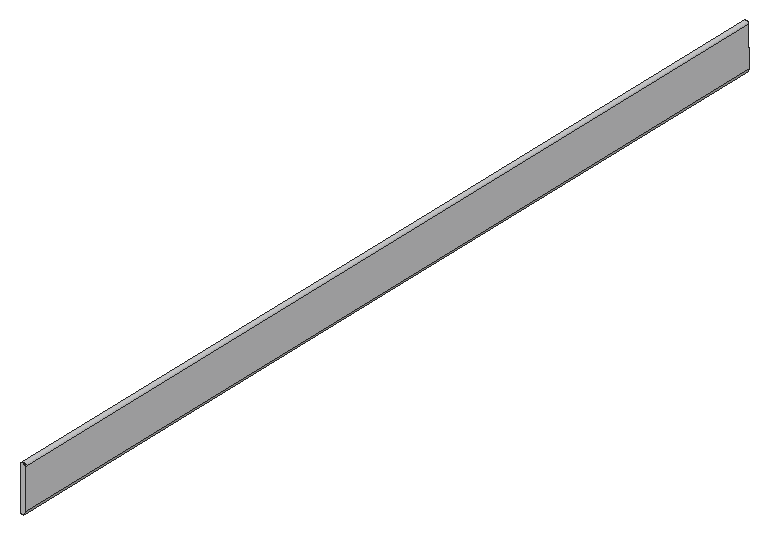
Revit family "DFR-CE", category Specialty Equipment, host Face, Revit 2020
Family settings
  Host = Face
  Round Connector Dimension = Use Diameter
  Part Type = Normal
  Cut with Voids When Loaded = No
  Shared = No
  Room Calculation Point = No
Parameters (values of type "SEE TYPE CATEGORY")
  Width = 0' - 0 1/2"
  URL = "http://www.emseal.com/"
  Type Image = DFR-CE.png
  Fire Resistence = "1 HR"
  Resistence to Fire EN 1366-4 = "EI60"
  Product Data URL = "https://bit.ly/34iawcN"
  European Technical Assessment = "ETA-19/0222"
  CE Certification = "0679-CPR-1251"
  Bellow Radius - Triple [instance] = Calc Width Triple / 6  # 0' - 0 1/4"
  Triple Bellow = no
  Tensile Strength (ASTM D3574) = "21 psi min; 145 kPa"
  Temperature Range (ASTM C711) = "185°F (85°C) to -40°F (-40°C)"
  Staining (ASTM C510) = "None"
  Single Bellow = yes
  Seal Material Note = "Emshield DFR-CE is coated on the top and bottom with water-resistant silicone."
  Seal Material [instance] = Silicone - Dowsil 790 Gray
  Rate of Air Leakage (ASTM E283) = "Passed"
  R Value Range (ASTM C518) = "1.03 per 1-inch (25mm) depth"
  Quint Bellow = no
  Quad Bellow = no
  Product Page URL = "https://cdn.emseal.com/wp-content/uploads/2020/01/Emshield-DFR-WFR-CE-Product-Data-Sheet-CE-marked-EN1366-4-movment-joint-Emseal.pdf"
  Product Documentation URL = "https://bit.ly/2yzQuP1"
  Movement (of Nominal Material Size) = "+50% / -50%"
  Model = "Emshield DFR-CE"
  Manufacturer = "EMSEAL Joint Systems Ltd"
  Length [instance] = 6' - 6 23/32"
  Durometer Hardness of Silicone Coating (ASTM D2240) = "Shore A: 25"
  Description = "CE Marked, EN 1366-4 Tested Watertight Fire-resistant movement joint"
  Depth = 0' - 4"
  Default Elevation = 0' - 0"
  Calc Width Triple [instance] = if(or(Width > 0' 3 131/256", Width < 0' 1 125/256"), 0' 1 1/2", Width)  # 0' - 1 1/2"
  Calc Width Single [instance] = if(Width > 0' 1 67/256", 0' 1 67/256", Width)  # 0' - 0 1/2"
  Calc Width Quad [instance] = if(or(Width > 0' 4 3/256", Width < 0' 3 131/256"), 0' 3 131/256", Width)  # 0' - 3 131/256"
  Bellow Radius - Quad [instance] = Calc Width Quad / 8  # 0' - 0.43896"
  Bellow Radius [instance] = Calc Width Single / 2  # 0' - 0 1/4"
  Bellow Depth - Triple [instance] = Depth - ([Bellow Radius - Triple] * 2)  # 0' - 3 1/2"
  Bellow Depth - Quad [instance] = Depth - ([Bellow Radius - Quad] * 2)  # 0' - 3.12207"
  Bellow Depth [instance] = Depth - (Bellow Radius * 2)  # 0' - 3 1/2"
  Assembly Code = "C3020200"
  ABAA Compliance = yes
Types (3): name
  (no name)
  DFR - .5 inches
  SEE TYPE CATEGORY
Reference planes (in)
  plane 1 "Center (Front/Back)": y = 0
  plane 2: z = 0
  plane 3 "Center (Left/Right)": x = 0
  plane 4 "Width 1": x = -0.25
  plane 5 "Width 2": x = 0.25
  plane 6: y = 39.35937
  plane 7: y = -39.35938
  plane 8: z = -4
  plane 9 "Quad Width 1": x = -1.75586
  plane 10: x = -0.87793
  plane 11: x = 0.87793
  plane 12 "Quad Width 2": x = 1.75586
  plane 13 "Triple Width 1": x = -0.75
  plane 14 "Triple Width 2": x = 0.75
  plane 15: x = 0.25
  plane 16: x = -0.25
  plane 17 "Single Width 1": x = -0.25
  plane 18 "Single Width 2": x = 0.25
  plane 19 "Expansion Line": z = 0.03125
  plane 20 "Triple Radius": z = -0.25
  plane 21: z = 0
  plane 22 "Triple Depth": z = -3.75
  plane 23 "Single Radius": z = -0.25
  plane 24 "Single Depth": z = -3.75
  plane 25 "Quad Radius": z = -0.43896
  plane 26 "Quad Depth": z = -3.56104
Forms (in)
  Extrusion 1, void
    sketch origin (0, 0, 0) x (1, 0, 0) y (0, 1, 0)
      loop
        line (-0.25, -39.35938) -> (0.25, -39.35938) -> (0.25, 39.35937) -> (-0.25, 39.35937) -> (-0.25, -39.35938)
    from 0 to -30
  Extrusion 2, solid, detail levels coarse
    sketch origin (0, 0, 0) x (1, 0, 0) y (0, 1, 0)
      loop
        line (-0.25, 39.35937) -> (-0.25, -39.35938) -> (0.25, -39.35938) -> (0.25, 39.35937) -> (-0.25, 39.35937)
    from 0 to -4
  Extrusion 3, solid, material "Silicone - Dowsil 790 Gray" <- "Seal Material", visible <- "Quad Bellow"
    sketch origin (0, 0, 0) x (1, 0, 0) y (0, 0, 1)
      loop
        line (-1.75586, -0.43896) -> (-1.75586, -3.56104)
        arc (-1.75586, -3.56104) -> (-1.31689, -4) -> (-0.87793, -3.56104) r 0.43896
        arc (-0.87793, -3.56104) -> (-0.43896, -4) -> (0, -3.56104) r 0.43896
        arc (0, -3.56104) -> (0.43896, -4) -> (0.87793, -3.56104) r 0.43896
        arc (0.87793, -3.56104) -> (1.31689, -4) -> (1.75586, -3.56104) r 0.43896
        line (1.75586, -3.56104) -> (1.75586, -0.43896)
        arc (1.75586, -0.43896) -> (1.31689, 0) -> (0.87793, -0.43896) r 0.43896
        arc (0.87793, -0.43896) -> (0.43896, 0) -> (0, -0.43896) r 0.43896
        arc (0, -0.43896) -> (-0.43896, 0) -> (-0.87793, -0.43896) r 0.43896
        arc (-0.87793, -0.43896) -> (-1.31689, 0) -> (-1.75586, -0.43896) r 0.43896
    from 39.35938 to -39.35937
  Extrusion 4, solid, material "Silicone - Dowsil 790 Gray" <- "Seal Material", visible <- "Single Bellow"
    sketch origin (0, 0, 0) x (1, 0, 0) y (0, 0, 1)
      loop
        line (-0.25, -0.25) -> (-0.25, -3.75)
        arc (-0.25, -3.75) -> (0, -4) -> (0.25, -3.75) r 0.25
        line (0.25, -3.75) -> (0.25, -0.25)
        arc (0.25, -0.25) -> (0, 0) -> (-0.25, -0.25) r 0.25
    from 39.35938 to -39.35937
  Extrusion 5, solid, material "Silicone - Dowsil 790 Gray" <- "Seal Material", visible <- "Triple Bellow"
    sketch origin (0, 0, 0) x (1, 0, 0) y (0, 0, 1)
      loop
        line (-0.75, -0.25) -> (-0.75, -3.75)
        arc (-0.75, -3.75) -> (-0.5, -4) -> (-0.25, -3.75) r 0.25
        arc (-0.25, -3.75) -> (0, -4) -> (0.25, -3.75) r 0.25
        arc (0.25, -3.75) -> (0.5, -4) -> (0.75, -3.75) r 0.25
        line (0.75, -3.75) -> (0.75, -0.25)
        arc (0.75, -0.25) -> (0.5, 0) -> (0.25, -0.25) r 0.25
        arc (0.25, -0.25) -> (0, 0) -> (-0.25, -0.25) r 0.25
        arc (-0.25, -0.25) -> (-0.5, 0) -> (-0.75, -0.25) r 0.25
    from 39.35938 to -39.35937
Lines and regions (in)
  model lines, style "Expansion Graphic"
    curve 1: line (0, 39.35937, 0.03125) -> (0, -39.35938, 0.03125)
Dimensions and locks (in)
  "Width": plane 4 "Width 1" to plane 5 "Width 2"
  equal spacing: plane 4 "Width 1", plane 3 "Center (Left/Right)", plane 5 "Width 2"
  equal spacing: plane 6, plane 1 "Center (Front/Back)", plane 7
  "Length": plane 6 to plane 7
  "Depth": plane 2 to plane 8
  equal spacing: plane 12 "Quad Width 2", plane 11, plane 3 "Center (Left/Right)", plane 10, plane 9 "Quad Width 1"
  "Calc Width Quad": plane 12 "Quad Width 2" to plane 9 "Quad Width 1"
  locked: plane 2 to Extrusion 3 sketch curve
  equal spacing: plane 13 "Triple Width 1", plane 16, plane 15, plane 14 "Triple Width 2"
  "Calc Width Triple": plane 13 "Triple Width 1" to plane 14 "Triple Width 2"
  equal spacing: plane 13 "Triple Width 1", plane 3 "Center (Left/Right)", plane 14 "Triple Width 2"
  equal spacing: plane 17 "Single Width 1", plane 3 "Center (Left/Right)", plane 18 "Single Width 2"
  "Calc Width Single": plane 17 "Single Width 1" to plane 18 "Single Width 2"
  locked: plane 2 to Extrusion 4 sketch curve
  locked: plane 19 "Expansion Line" to level at 0.03125
  "Bellow Radius - Triple": plane 2 to plane 20 "Triple Radius"
  "Bellow Depth - Triple": plane 20 "Triple Radius" to plane 22 "Triple Depth"
  "Bellow Radius": plane 21 to plane 23 "Single Radius"
  "Bellow Depth": plane 23 "Single Radius" to plane 24 "Single Depth"
  "Bellow Radius - Quad": plane 2 to plane 25 "Quad Radius"
  "Bellow Depth - Quad": plane 25 "Quad Radius" to plane 26 "Quad Depth"
  aligned and locked: plane 2 to host face
  aligned and locked: level to host face
  aligned and locked: Extrusion 1 sketch curve to plane 7
  aligned and locked: Extrusion 1 sketch curve to plane 4 "Width 1"
  aligned and locked: plane 6 to Extrusion 1 sketch curve
  aligned and locked: plane 5 "Width 2" to Extrusion 1 sketch curve
  aligned and locked: Extrusion 2 sketch curve to plane 6
  aligned and locked: plane 4 "Width 1" to Extrusion 2 sketch curve
  aligned and locked: plane 7 to Extrusion 2 sketch curve
  aligned and locked: Extrusion 2 sketch curve to plane 5 "Width 2"
  aligned and locked: Extrusion 2 to plane 8
  aligned and locked: level to Extrusion 2
  aligned and locked: Extrusion 3 sketch curve to plane 9 "Quad Width 1"
  aligned and locked: plane 12 "Quad Width 2" to Extrusion 3 sketch curve
  aligned and locked: plane 6 to Extrusion 3
  aligned and locked: Extrusion 3 to plane 7
  aligned and locked: plane 17 "Single Width 1" to Extrusion 4 sketch curve
  aligned and locked: Extrusion 4 sketch curve to plane 18 "Single Width 2"
  aligned and locked: Extrusion 4 to plane 7
  aligned and locked: plane 6 to Extrusion 4
  aligned and locked: curve 1 to plane 3 "Center (Left/Right)"
  aligned and locked: plane 6 to curve 1
  aligned and locked: plane 7 to curve 1
  aligned and locked: plane 13 "Triple Width 1" to Extrusion 5 sketch curve
  aligned and locked: Extrusion 5 sketch curve to plane 14 "Triple Width 2"
  aligned and locked: plane 6 to Extrusion 5
  aligned and locked: Extrusion 5 to plane 7
  aligned and locked: plane 23 "Single Radius" to Extrusion 4 sketch curve  (x2)
  aligned and locked: plane 24 "Single Depth" to Extrusion 4 sketch curve  (x2)
  aligned and locked: plane 25 "Quad Radius" to Extrusion 3 sketch curve  (x5)
  aligned and locked: plane 26 "Quad Depth" to Extrusion 3 sketch curve  (x5)
Automatic sketch dimensions
  host sketch curve to host sketch curve = 8' - 0"  (x2)
  Extrusion 5 sketch curve to plane 20 "Triple Radius" = 0' - 0"
  plane 16 to Extrusion 5 sketch curve = 0' - 0"  (x4)
  Extrusion 5 sketch curve to plane 3 "Center (Left/Right)" = 0' - 0"  (x2)
  plane 15 to Extrusion 5 sketch curve = 0' - 0"  (x2)
  Extrusion 5 sketch curve to plane 22 "Triple Depth" = 0' - 0"
  Extrusion 3 sketch curve to plane 10 = 0' - 0"  (x3)
  Extrusion 3 sketch curve to plane 3 "Center (Left/Right)" = 0' - 0"  (x4)
  Extrusion 3 sketch curve to plane 11 = 0' - 0"  (x4)
Types in the file's own list only (60): name | Width | Fire Resistence | Resistence to Fire EN 1366-4 | Triple Bellow | Single Bellow | Quad Bellow | Depth | Default Elevation
  DFR - .5 inches - 1 hour | 1/2" | "1 HR" | "EI60" | No | Yes | No | 4" | 0"
  DFR - .5 inches - 2 hour | 1/2" | "2 HR" | "EI120" | No | Yes | No | 4" | 0"
  DFR - .5 inches - 3 hour | 1/2" | "3 HR" | "EI180" | No | Yes | No | 4" | 0"
  DFR - .5 inches - 4 hour | 1/2" | "4 HR" | "EI240" | No | Yes | No | 4" | 0"
  DFR - .75 inches - 1 hour | 3/4" | "1 HR" | "EI60" | No | Yes | No | 4" | 0"
  DFR - .75 inches - 2 hour | 3/4" | "2 HR" | "EI120" | No | Yes | No | 4" | 0"
  DFR - .75 inches - 3 hour | 3/4" | "3 HR" | "EI180" | No | Yes | No | 4" | 0"
  DFR - .75 inches - 4 hour | 3/4" | "4 HR" | "EI240" | No | Yes | No | 4" | 0"
  DFR - 1 inches - 1 hour | 1" | "1 HR" | "EI60" | No | Yes | No | 4" | 0"
  DFR - 1 inches - 2 hour | 1" | "2 HR" | "EI120" | No | Yes | No | 4" | 0"
  DFR - 1 inches - 3 hour | 1" | "3 HR" | "EI180" | No | Yes | No | 4" | 0"
  DFR - 1 inches - 4 hour | 1" | "4 HR" | "EI240" | No | Yes | No | 4" | 0"
  DFR - 1.25 inches - 1 hour | 1 1/4" | "1 HR" | "EI60" | No | Yes | No | 4" | 0"
  DFR - 1.25 inches - 2 hour | 1 1/4" | "2 HR" | "EI120" | No | Yes | No | 4" | 0"
  DFR - 1.25 inches - 3 hour | 1 1/4" | "3 HR" | "EI180" | No | Yes | No | 4" | 0"
  DFR - 1.25 inches - 4 hour | 1 1/4" | "4 HR" | "EI240" | No | Yes | No | 4" | 0"
  DFR - 1.5 inches - 1 hour | 1 1/2" | "1 HR" | "EI60" | Yes | No | No | 4" | 0"
  DFR - 1.5 inches - 2 hour | 1 1/2" | "2 HR" | "EI120" | Yes | No | No | 4" | 0"
  DFR - 1.5 inches - 3 hour | 1 1/2" | "3 HR" | "EI180" | Yes | No | No | 4" | 0"
  DFR - 1.5 inches - 4 hour | 1 1/2" | "4 HR" | "EI240" | Yes | No | No | 4" | 0"
  DFR - 1.75 inches - 1 hour | 1 3/4" | "1 HR" | "EI60" | Yes | No | No | 4" | 0"
  DFR - 1.75 inches - 2 hour | 1 3/4" | "2 HR" | "EI120" | Yes | No | No | 4" | 0"
  DFR - 1.75 inches - 3 hour | 1 3/4" | "3 HR" | "EI180" | Yes | No | No | 4" | 0"
  DFR - 1.75 inches - 4 hour | 1 3/4" | "4 HR" | "EI240" | Yes | No | No | 4" | 0"
  DFR - 2 inches - 1 hour | 2" | "1 HR" | "EI60" | Yes | No | No | 4" | 0"
  DFR - 2 inches - 2 hour | 2" | "2 HR" | "EI120" | Yes | No | No | 4" | 0"
  DFR - 2 inches - 3 hour | 2" | "3 HR" | "EI180" | Yes | No | No | 4" | 0"
  DFR - 2 inches - 4 hour | 2" | "4 HR" | "EI240" | Yes | No | No | 4" | 0"
  DFR - 2.25 inches - 1 hour | 2 1/4" | "1 HR" | "EI60" | Yes | No | No | 4" | 0"
  DFR - 2.25 inches - 2 hour | 2 1/4" | "2 HR" | "EI120" | Yes | No | No | 4" | 0"
  DFR - 2.25 inches - 3 hour | 2 1/4" | "3 HR" | "EI180" | Yes | No | No | 4" | 0"
  DFR - 2.25 inches - 4 hour | 2 1/4" | "4 HR" | "EI240" | Yes | No | No | 4" | 0"
  DFR - 2.5 inches - 1 hour | 2 1/2" | "1 HR" | "EI60" | Yes | No | No | 4" | 0"
  DFR - 2.5 inches - 2 hour | 2 1/2" | "2 HR" | "EI120" | Yes | No | No | 4" | 0"
  DFR - 2.5 inches - 3 hour | 2 1/2" | "3 HR" | "EI180" | Yes | No | No | 4" | 0"
  DFR - 2.5 inches - 4 hour | 2 1/2" | "4 HR" | "EI240" | Yes | No | No | 4" | 0"
  DFR - 2.75 inches - 1 hour | 2 3/4" | "1 HR" | "EI60" | Yes | No | No | 4" | 0"
  DFR - 2.75 inches - 2 hour | 2 3/4" | "2 HR" | "EI120" | Yes | No | No | 4" | 0"
  DFR - 2.75 inches - 3 hour | 2 3/4" | "3 HR" | "EI180" | Yes | No | No | 4" | 0"
  DFR - 2.75 inches - 4 hour | 2 3/4" | "4 HR" | "EI240" | Yes | No | No | 4" | 0"
  DFR - 3 inches - 1 hour | 3" | "1 HR" | "EI60" | Yes | No | No | 4" | 0"
  DFR - 3 inches - 2 hour | 3" | "2 HR" | "EI120" | Yes | No | No | 4" | 0"
  DFR - 3 inches - 3 hour | 3" | "3 HR" | "EI180" | Yes | No | No | 4" | 0"
  DFR - 3 inches - 4 hour | 3" | "4 HR" | "EI240" | Yes | No | No | 4" | 0"
  DFR - 3.25 inches - 1 hour | 3 1/4" | "1 HR" | "EI60" | No | No | Yes | 4" | 0"
  DFR - 3.25 inches - 2 hour | 3 1/4" | "2 HR" | "EI120" | No | No | Yes | 4" | 0"
  DFR - 3.25 inches - 3 hour | 3 1/4" | "3 HR" | "EI180" | No | No | Yes | 4" | 0"
  DFR - 3.25 inches - 4 hour | 3 1/4" | "4 HR" | "EI240" | No | No | Yes | 4" | 0"
  DFR - 3.5 inches - 1 hour | 3 1/2" | "1 HR" | "EI60" | No | No | Yes | 4" | 0"
  DFR - 3.5 inches - 2 hour | 3 1/2" | "2 HR" | "EI120" | No | No | Yes | 4" | 0"
  DFR - 3.5 inches - 3 hour | 3 1/2" | "3 HR" | "EI180" | No | No | Yes | 4" | 0"
  DFR - 3.5 inches - 4 hour | 3 1/2" | "4 HR" | "EI240" | No | No | Yes | 4" | 0"
  DFR - 3.75 inches - 1 hour | 3 3/4" | "1 HR" | "EI60" | No | No | Yes | 4" | 0"
  DFR - 3.75 inches - 2 hour | 3 3/4" | "2 HR" | "EI120" | No | No | Yes | 4" | 0"
  DFR - 3.75 inches - 3 hour | 3 3/4" | "3 HR" | "EI180" | No | No | Yes | 4" | 0"
  DFR - 3.75 inches - 4 hour | 3 3/4" | "4 HR" | "EI240" | No | No | Yes | 4" | 0"
  DFR - 4 inches - 1 hour | 4" | "1 HR" | "EI60" | No | No | Yes | 4" | 0"
  DFR - 4 inches - 2 hour | 4" | "2 HR" | "EI120" | No | No | Yes | 4" | 0"
  DFR - 4 inches - 3 hour | 4" | "3 HR" | "EI180" | No | No | Yes | 4" | 0"
  DFR - 4 inches - 4 hour | 4" | "4 HR" | "EI240" | No | No | Yes | 4" | 0"
